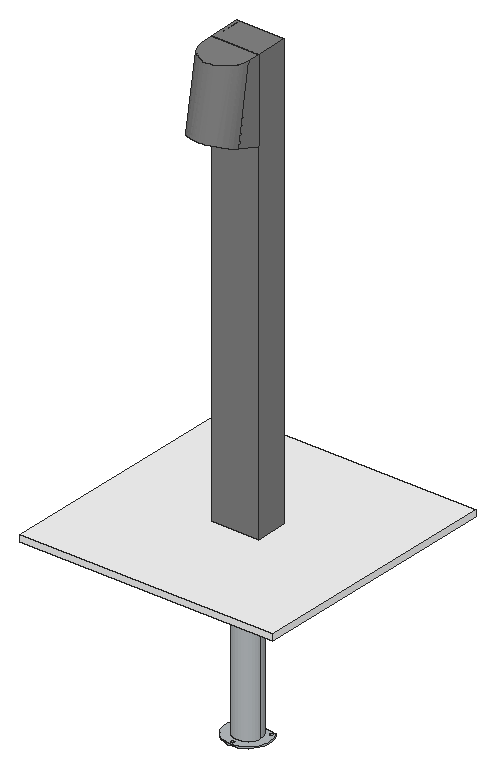
Revit family "BE_77239_de_DE", category Leuchten, Revit 2015
Parameters (values of type "BEGA_77239_Grafit_K3")
  built-in parameter 1150104 = 14.151 (stored number, unit not read)
  Wattage = 1.9 W
  Default Elevation = 0 mm
  built-in parameter 1150113 = 1 (stored number, unit not read)
  built-in parameter 1114218 = 1 (stored number, unit not read)
  Umgebungstemperatur = "25 °C"
  URL = "http://www.bega.de/produkt/77239"
  Typenkommentare = "© 2016 BEGA. Wir behalten uns das Recht vor, technische Änderungen ohne vorherige Ankündigung vorzunehmen."  # constant formula
  Type Image = 77239.png
  built-in parameter 1150134 = (empty or 0)
  built-in parameter 1150109 = 1 (stored number, unit not read)
  Strom = ""
  built-in parameter 1150110 = 1 (stored number, unit not read)
  Spannung = 239.996 V
  Sonderanfertigung = no
  Seriennummer [instance] = "Hier können Sie die eindeutige Seriennummer für das Facility Management eintragen."
  Schutzklasse = "I"
  Schutzart = "IP 64"
  Scheinlast = 0 VA
  Produktdatenblatt = "http://www.bega.de/download/Xrfa/db/77239.db.de.pdf"
  Oberflächentemperatur = ""
  Neigungswinkel = 0.00°
  Modell = "77239"
  Material_18 = BEGA_Gummi_schwarz
  Material_17 = BEGA_Reflektor
  Material_15 = BEGA_Leuchtmedium_matt
  Material_11 = BEGA_Glas_opal
  Material_10 = BEGA_Glas_matt
  Material_09 = BEGA_Glas_klar
  Material_08 = BEGA_Oberfläche_Stahl_verzinkt
  Material_06 = BEGA_Oberfläche_Edelstahl_gebürstet
  Material_03 = BEGA_Oberfläche_Weiss_matt
  Material_02 = BEGA_Oberfläche_Silber_matt
  Material_01 [instance] = BEGA_Oberfläche_Grafit_matt
  M_G = yes
  M_A = no
  Logo = 0
  built-in parameter 1114217 = 1 (stored number, unit not read)
  built-in parameter 1150139 = (empty or 0)
  built-in parameter 1150105 = 23.03 (stored number, unit not read)
  built-in parameter 1150114 = 1 (stored number, unit not read)
  Lumens = 289.408 lm
  built-in parameter 1150115 = 1 (stored number, unit not read)
  Leuchtenlichtstrom = "146 lm"
  Leuchtenanzahl = ""
  Lebensdauerkriterien = "L70 = 50.000 h"
  Lastklassifizierung = Beleuchtung
  built-in parameter 1150112 = 1 (stored number, unit not read)
  Lampenlichtstrom = "290 lm"
  Lampe = "LED 1.9 W"
  LED_Modulbezeichnung = "LED-0684/830 "
  built-in parameter 1150142 = (empty or 0)
  Hersteller = "BEGA"  # constant formula
  Halbstreuwinkel = ""
  Gewicht = "2.7 kg"
  Gebrauchslageneinschränkung [instance] = ""
  Frequenz = "0/50-60 Hz"
  Farbwiedergabeindex = "Ra > 80"
  Farbtemperaturverschiebung bei Dämpfen der Lampe = <Keine Auswahl>
  Farbtemperatur = "3000 K"
  Color Filter = 16777215
  built-in parameter 1150133 = 10 (stored number, unit not read)
  Energieeffizienzklasse = "LED A++ - A"
  built-in parameter 1150137 = (empty or 0)
  built-in parameter 1150132 = (empty or 0)
  ENEC = "ja"
  Datei für fotometrisches Netz = "BE_77239.IES"
  CE_Konformität = "ja"
  Bestellnummer = "77239"
  Beschreibung_Sonderanfertigung = "Hier können Sie Informationen zur Sonderanfertigung eintragen."
  Beschreibung = "Garten- und Wegeleuchte"
  built-in parameter 1150106 = 0.2303 (stored number, unit not read)
  Befestigungsbohrung = ""
  Befestigungsabstand = ""
  Ballwurfsicher = ""
  BEGA_Intern_aus = yes
  BEGA_Intern_an = yes
  BEGA_Intern_Konstruktion = yes
  BEGA_Intern = yes
  BEGA_IES = yes
  BEGA_Dummy = no
  Anschlussleitung = ""
  Anschlussleistung [instance] = "3.3 W"
  Anschlusskasten = ""
  built-in parameter 1150107 = 3000 (stored number, unit not read)
  built-in parameter 1150102 = (empty or 0)
  built-in parameter 1150138 = (empty or 0)
  Aktualisierung = "2016-10-20T04:14:09"
  Abstand_zur_angestrahlten_Fläche [instance] = ""
  AC/DC = "AC/DC"
Types (2, lengths in mm): name | built-in parameter 1150104 | Modell | M_G | M_A | built-in parameter 1150105 | Lumens | Bestellnummer | built-in parameter 1150106
  BEGA_77239_Silber_K3 | 14.18 (stored number, unit not read) | "77239A" | no | yes | 23.077 (stored number, unit not read) | 289.997 lm | "77239A" | 0.23077 (stored number, unit not read)
  BEGA_77239_Grafit_K3 | 14.151 (stored number, unit not read) | "77239" | yes | no | 23.03 (stored number, unit not read) | 289.408 lm | "77239" | 0.2303 (stored number, unit not read)
Reference planes
  plane 1 "Mitte (Vorne/Hinten)": y = 0
  plane 2: z = 0
  plane 3 "Mitte (Links/Rechts)": x = 0
  plane 4 "Links": x = -37.5
  plane 5 "Rechts": x = 37.5
  plane 6 "Unten": y = -100.895
  plane 7 "Oben": y = 25
  plane 8 "Vorne": z = 686.8
  plane 9 "Hinten": z = -300
Forms (mm)
  Extrusion 1, solid, material "BEGA_Platte_Weiss"
    sketch origin (0, -1119.2, 0) x (1, 0, 0) y (0, 1, 0)
      loop
        line (-200, 1319.2) -> (-200, 919.2) -> (200, 919.2) -> (200, 1319.2) -> (-200, 1319.2)
    from 0 to -10
  Extrusion 2, solid, material "BEGA_Dummy_matt", visible <- "BEGA_Dummy"
    sketch origin (80.095, -76.023, 0) x (1, 0, 0) y (0, 1, 0)
      loop
        line (-117.595, 101.023) -> (-117.595, -24.872) -> (-42.595, -24.872) -> (-42.595, 101.023) -> (-117.595, 101.023)
    from 0 to 686.8
Dimensions and locks
  plane 1 "Mitte (Vorne/Hinten)" to Extrusion 1 = 200 mm
  aligned and locked: plane 2 to Extrusion 1
  aligned and locked: level to Extrusion 1
Nested families
  nested 1: "BE_77239" at (0, 0, 0), type "BE_77239"
    with M_G yes
Connectors
  electrical at (0, 0, 0), driven by "Lastklassifizierung", driven by "Spannung", driven by "Scheinlast"
    settings: index 1, voltage 239.996 V, apparent load 0 VA, apparent load phase1 0 VA, apparent load phase2 0 VA, apparent load phase3 0 VA, power factor 1, load classification "Beleuchtung", number of poles 1, system type 31, power factor state 1, is connector primary yes, connector utility no, sub classification motor no, connector description ""
Definition of nested family "BE_77239"
  Parameters (values of type "BE_77239")
    Default Elevation = 1 mm
    URL = "http://www.bega.de/de/produkt"
    Type Comments = "© 2015 BEGA. Wir behalten uns das Recht vor, technische Änderungen ohne vorherige Ankündigung vorzunehmen. "  # constant formula
    Type Image = (empty or 0)
    Material_18 = none
    Material_17 = none
    Material_15 = none
    Material_11 = none
    Material_10 = none
    Material_09 = none
    Material_08 = none
    Material_06 = none
    Material_03 = none
    Material_02 = none
    Material_01 = none
    M_W = yes
    M_G = no
    M_A = no
    Länge_Platte = 200 mm  # constant formula
    Höhe_Platte = -10 mm  # constant formula
    Manufacturer = "BEGA"  # constant formula
    Breite_Platte = 200 mm  # constant formula
  Reference planes
    plane 1 "Mitte (Oben/Unten)": y = 0
    plane 2: z = 0
    plane 3 "Mitte (Links/Rechts)": x = 0
    plane 4: x = -37.5
    plane 5: z = -300
    plane 6: x = 37.5
    plane 7: z = 686.8
    plane 8: y = 25
    plane 9: y = -100.895
  Forms (mm)
    Extrusion 1, solid, detail levels medium
      sketch origin (0, 0, 0) x (1, 0, 0) y (0, 1, 0)
        loop
          line (-100, 100) -> (-100, -100) -> (100, -100) -> (100, 100) -> (-100, 100)
      from 0 to -10 <- "Höhe_Platte"
    Extrusion 2, solid, material <- "Material_08", detail levels medium+fine
      sketch origin (0, 0, 0) x (1, 0, 0) y (0, 1, 0)
        loop
          line (-4.279, 24.123) -> (-26.706, 20.169)
          arc (-26.706, 20.169) -> (-28.686, 19.354) -> (-30.144, 17.786) r 5
          arc (-30.144, 17.786) -> (0, -35) -> (30.144, 17.786) r 35
          arc (30.144, 17.786) -> (28.686, 19.354) -> (26.706, 20.169) r 5
          line (26.706, 20.169) -> (4.279, 24.123)
          arc (4.279, 24.123) -> (0, 24.5) -> (-4.279, 24.123) r 24.5
        loop
          circle (-25.981, 15) r 2.75
        loop
          circle (0, -30) r 2.75
        loop
          circle (25.981, 15) r 2.75
        loop
          circle (0, 0) r 19.1
      from -298 to -300
    Extrusion 3, solid, material <- "Material_08", detail levels medium+fine
      sketch origin (0, 0, 0) x (1, 0, 0) y (0, 1, 0)
        loop
          circle (0, 0) r 19.1
        loop
          circle (0, 0) r 21.1
      from 119.996 to -298.004
    Sweep 4, solid, material <- "Material_01", visible <- "M_G", detail levels medium+fine
      path origin (0, 0, 0) x (1, 0, 0) y (0, 1, 0)
        loop
          line (37.5, 25) -> (-37.5, 25) -> (-37.5, -25) -> (37.5, -25) -> (37.5, 25)
      profile origin (0, 25, 0) x (0, -1, 0) y (0, 0, 1)
        loop
          line (0, 686.8) -> (0, 0) -> (3, 0) -> (3, 685) -> (8.422, 685) -> (8.422, 686.8) -> (0, 686.8)
    Extrusion 5, solid, material <- "Material_01", visible <- "M_G", detail levels medium+fine
      sketch origin (0, 0, 0) x (0, 1, 0) y (0, 0, 1)
        loop
          line (16.578, 686.8) -> (-16.578, 686.8) -> (-16.578, 685) -> (16.578, 685) -> (16.578, 686.8)
      from -29.451 to 29.078
    Blend 6, solid, material <- "Material_01", visible <- "M_G", detail levels medium+fine
      base sketch origin (0, 0, 0) x (1, 0, 0) y (0, 1, 0)
        loop
          line (-37.552, -25) -> (-36.457, -66.822)
          spline (-36.457, -66.822) -> (-35.105, -77.09) -> (-31.403, -86.632) -> (-25.599, -94.81) -> (-18.082, -101.077) -> (-9.354, -105.014) -> (0, -106.356) -> (9.354, -105.014) -> (18.082, -101.077) -> (25.599, -94.81) -> (31.403, -86.632) -> (35.105, -77.09) -> (36.457, -66.822)
          line (36.457, -66.822) -> (37.552, -25) -> (-37.552, -25)
      top sketch origin (0, 0, 0) x (1, 0, 0) y (0, 1, 0)
        loop
          line (-37.552, -25) -> (-37.071, -43.367)
          spline (-37.071, -43.367) -> (-35.587, -53.008) -> (-31.763, -61.945) -> (-25.851, -69.59) -> (-18.24, -75.44) -> (-9.43, -79.112) -> (0, -80.363) -> (9.43, -79.112) -> (18.24, -75.44) -> (25.851, -69.59) -> (31.763, -61.945) -> (35.587, -53.008) -> (37.071, -43.367)
          line (37.071, -43.367) -> (37.552, -25) -> (-37.552, -25)
      from 556.8 to 686.8
    Extrusion 7, void
      sketch origin (0, 0, 0) x (0, 1, 0) y (0, 0, 1)
        loop
          line (-26.108, 556.475) -> (-107.284, 586.021) -> (-107.284, 556.475) -> (-26.108, 556.475)
        loop
          line (-25, 686.8) -> (-81.221, 686.8) -> (-81.221, 685.38) -> (-25, 686.8)
      from -41.057 to 40.865
    Revolve 8, void
      sketch origin (0, 0, 0) x (0, 1, 0) y (0, 0, 1)
        loop
          line (-60.589, 588.104) -> (-67.011, 570.459) -> (-35.754, 559.082) -> (-37.529, 569.146) -> (-32.274, 567.233) -> (-28.878, 576.562) -> (-60.589, 588.104)
        axis (-60.589, 588.104) -> (-67.011, 570.459)
      angle from 0 to 360
    Revolve 9, solid, material <- "Material_10", detail levels medium+fine
      sketch origin (0, 0, 0) x (0, 1, 0) y (0, 0, 1)
        loop
          line (-62.616, 582.533) -> (-63.984, 578.775) -> (-33.444, 567.659) -> (-32.076, 571.418) -> (-62.616, 582.533)
        axis (-62.616, 582.533) -> (-63.984, 578.775)
      angle from 0 to 360
    Revolve 10, void
      sketch origin (-26, 0, 0) x (0, 1, 0) y (0, 0, 1)
        loop
          line (-34.938, 559.689) -> (-34.938, 561.3) -> (-36.8, 561.3) -> (-36.8, 560.367) -> (-34.938, 559.689)
        axis (-36.8, 561.3) -> (-36.8, 559.689)
      angle from 0 to 360
    Revolve 11, void
      sketch origin (26, 0, 0) x (0, 1, 0) y (0, 0, -1)
        loop
          line (-34.938, -559.689) -> (-36.8, -560.367) -> (-36.8, -561.3) -> (-34.938, -561.3) -> (-34.938, -559.689)
        axis (-36.8, -561.3) -> (-36.8, -559.689)
      angle from 0 to 360
    Revolve 12, solid, material <- "Material_06", detail levels fine
      sketch origin (-26, 0, 0) x (0, 1, 0) y (0, 0, 1)
        loop
          line (-36.8, 559.9) -> (-36.8, 561.3) -> (-38.411, 561.3) -> (-38.411, 560.481) -> (-37.887, 559.9) -> (-36.8, 559.9)
        axis (-36.8, 561.3) -> (-36.8, 559.9)
      angle from 0 to 360
    Revolve 13, solid, material <- "Material_06", detail levels fine
      sketch origin (26, 0, 0) x (0, 1, 0) y (0, 0, -1)
        loop
          line (-36.8, -559.9) -> (-37.887, -559.9) -> (-38.411, -560.481) -> (-38.411, -561.3) -> (-36.8, -561.3) -> (-36.8, -559.9)
        axis (-36.8, -561.3) -> (-36.8, -559.9)
      angle from 0 to 360
    Revolve 14, void
      sketch origin (0, 0, 0) x (0, 1, 0) y (0, 0, 1)
        loop
          line (25.206, 39) -> (22.243, 39) -> (22.243, 35) -> (25.206, 35) -> (25.206, 39)
        axis (25.206, 35) -> (22.243, 35)
      angle from 0 to 360
    Revolve 15, void
      sketch origin (0, 0, 50) x (0, 1, 0) y (0, 0, 1)
        loop
          line (25.206, 39) -> (22.243, 39) -> (22.243, 35) -> (25.206, 35) -> (25.206, 39)
        axis (25.206, 35) -> (22.243, 35)
      angle from 0 to 360
    Revolve 16, solid, material <- "Material_06", detail levels fine
      sketch origin (0, 0, 0) x (0, 1, 0) y (0, 0, 1)
        loop
          line (25, 88) -> (25, 88.942) -> (22.865, 88.942) -> (22.865, 85) -> (26, 85) -> (26, 88) -> (25, 88)
        axis (26, 85) -> (22.865, 85)
      angle from 0 to 360
    Revolve 17, solid, material <- "Material_06", detail levels fine
      sketch origin (0, 0, -50) x (0, 1, 0) y (0, 0, 1)
        loop
          line (25, 88) -> (25, 88.942) -> (22.865, 88.942) -> (22.865, 85) -> (26, 85) -> (26, 88) -> (25, 88)
        axis (26, 85) -> (22.865, 85)
      angle from 0 to 360
    Sweep 18, solid, material <- "Material_02", visible <- "M_A", detail levels medium+fine
      path origin (0, 0, 0) x (1, 0, 0) y (0, 1, 0)
        loop
          line (37.5, 25) -> (-37.5, 25) -> (-37.5, -25) -> (37.5, -25) -> (37.5, 25)
      profile origin (0, 25, 0) x (0, -1, 0) y (0, 0, 1)
        loop
          line (0, 686.8) -> (0, 0) -> (3, 0) -> (3, 685) -> (8.422, 685) -> (8.422, 686.8) -> (0, 686.8)
    Extrusion 19, solid, material <- "Material_02", visible <- "M_A", detail levels medium+fine
      sketch origin (0, 0, 0) x (0, 1, 0) y (0, 0, 1)
        loop
          line (16.578, 686.8) -> (-16.578, 686.8) -> (-16.578, 685) -> (16.578, 685) -> (16.578, 686.8)
      from -29.451 to 29.078
    Blend 20, solid, material <- "Material_02", visible <- "M_A", detail levels medium+fine
      base sketch origin (0, 0, 0) x (1, 0, 0) y (0, 1, 0)
        loop
          line (-37.552, -25) -> (-36.457, -66.822)
          spline (-36.457, -66.822) -> (-35.105, -77.09) -> (-31.403, -86.632) -> (-25.599, -94.81) -> (-18.082, -101.077) -> (-9.354, -105.014) -> (0, -106.356) -> (9.354, -105.014) -> (18.082, -101.077) -> (25.599, -94.81) -> (31.403, -86.632) -> (35.105, -77.09) -> (36.457, -66.822)
          line (36.457, -66.822) -> (37.552, -25) -> (-37.552, -25)
      top sketch origin (0, 0, 0) x (1, 0, 0) y (0, 1, 0)
        loop
          line (-37.552, -25) -> (-37.071, -43.367)
          spline (-37.071, -43.367) -> (-35.587, -53.008) -> (-31.763, -61.945) -> (-25.851, -69.59) -> (-18.24, -75.44) -> (-9.43, -79.112) -> (0, -80.363) -> (9.43, -79.112) -> (18.24, -75.44) -> (25.851, -69.59) -> (31.763, -61.945) -> (35.587, -53.008) -> (37.071, -43.367)
          line (37.071, -43.367) -> (37.552, -25) -> (-37.552, -25)
      from 556.8 to 686.8
  Cuts and joins
    joined: Extrusion 2, Extrusion 3
    Revolve 14, Revolve 15 cuts Sweep 4
    Revolve 14, Revolve 15 cuts Extrusion 5
    joined: Sweep 4, Extrusion 5
    Extrusion 7, Revolve 8, Revolve 10, Revolve 11 cuts Blend 6
    Revolve 14, Revolve 15 cuts Sweep 18
    joined: Sweep 18, Extrusion 19
    Extrusion 7, Revolve 8, Revolve 10, Revolve 11 cuts Blend 20
  Dimensions and locks
    equal spacing: Extrusion 1 sketch curve, plane 3 "Mitte (Links/Rechts)", Extrusion 1 sketch curve
    equal spacing: Extrusion 1 sketch curve, plane 1 "Mitte (Oben/Unten)", Extrusion 1 sketch curve
    "Länge_Platte": Extrusion 1 sketch curve to Extrusion 1 sketch curve
    "Breite_Platte": Extrusion 1 sketch curve to Extrusion 1 sketch curve
    aligned and locked: Extrusion 1 to plane 2
    aligned and locked: level to Extrusion 1
  Automatic sketch dimensions
    Extrusion 2 sketch curve to Extrusion 2 sketch curve = 0 mm  (x13)
    plane 1 "Mitte (Oben/Unten)" to Extrusion 2 sketch curve = 0 mm
    Extrusion 2 sketch curve to plane 3 "Mitte (Links/Rechts)" = 0 mm  (x2)
    Extrusion 2 sketch curve to plane 3 "Mitte (Links/Rechts)" = 4.279 mm
    Extrusion 2 sketch curve to Extrusion 2 sketch curve = 21.559 mm  (x2)
    Extrusion 2 sketch curve to Extrusion 2 sketch curve = 0.143 mm  (x2)
    plane 3 "Mitte (Links/Rechts)" to Extrusion 2 sketch curve = 4.279 mm
    plane 1 "Mitte (Oben/Unten)" to Extrusion 2 sketch curve = 30 mm
    Extrusion 2 sketch curve to plane 1 "Mitte (Oben/Unten)" = 15 mm  (x2)
    Extrusion 2 sketch curve to Extrusion 2 sketch curve = 0.245 mm  (x2)
    Extrusion 2 sketch curve to Extrusion 2 sketch curve = 8.878 mm
    Extrusion 2 sketch curve to Extrusion 2 sketch curve = 0.868 mm  (x2)
    Extrusion 2 sketch curve to Extrusion 2 sketch curve = 3.438 mm  (x2)
    Extrusion 2 sketch curve to Extrusion 2 sketch curve = 2.541 mm  (x2)
    Sweep 4 sketch curve to plane 3 "Mitte (Links/Rechts)" = 37.5 mm
    plane 3 "Mitte (Links/Rechts)" to Sweep 4 sketch curve = 37.5 mm
    plane 1 "Mitte (Oben/Unten)" to Sweep 4 sketch curve = 25 mm
    Sweep 4 sketch curve to plane 1 "Mitte (Oben/Unten)" = 25 mm
    Sweep 4 sketch curve to level = 0 mm
    Sweep 4 sketch curve to profile plane = 0 mm
    Sweep 4 sketch curve to profile plane = 3 mm
    Sweep 4 sketch curve to Sweep 4 sketch curve = 5.422 mm
    level to Sweep 4 sketch curve = 685 mm
    Sweep 4 sketch curve to Sweep 4 sketch curve = 1.8 mm
    plane 1 "Mitte (Oben/Unten)" to Extrusion 5 sketch curve = 16.578 mm
    Extrusion 5 sketch curve to plane 1 "Mitte (Oben/Unten)" = 16.578 mm
    level to Extrusion 5 sketch curve = 685 mm
    Extrusion 5 sketch curve to Extrusion 5 sketch curve = 1.8 mm
    Blend 6 sketch curve to plane 3 "Mitte (Links/Rechts)" = 0 mm  (x2)
    Blend 6 sketch curve to plane 3 "Mitte (Links/Rechts)" = 36.457 mm
    Blend 6 sketch curve to plane 3 "Mitte (Links/Rechts)" = 37.552 mm
    plane 3 "Mitte (Links/Rechts)" to Blend 6 sketch curve = 36.457 mm
    plane 3 "Mitte (Links/Rechts)" to Blend 6 sketch curve = 37.552 mm
    plane 1 "Mitte (Oben/Unten)" to Blend 6 sketch curve = 66.822 mm
    plane 1 "Mitte (Oben/Unten)" to Blend 6 sketch curve = 25 mm
    Blend 6 sketch curve to Blend 6 sketch curve = 0.004 mm
    Blend 6 sketch curve to Blend 6 sketch curve = 0.566 mm
    Blend 6 sketch curve to plane 3 "Mitte (Links/Rechts)" = 37.071 mm
    Blend 6 sketch curve to Blend 6 sketch curve = 0.481 mm  (x2)
    plane 3 "Mitte (Links/Rechts)" to Blend 6 sketch curve = 37.071 mm
    plane 1 "Mitte (Oben/Unten)" to Blend 6 sketch curve = 43.367 mm
    Blend 6 sketch curve to Blend 6 sketch curve = 18.367 mm
    Blend 6 sketch curve to Blend 6 sketch curve = 36.996 mm
    Blend 6 sketch curve to Blend 6 sketch curve = 1.075 mm
    plane 1 "Mitte (Oben/Unten)" to Extrusion 7 sketch curve = 107.284 mm
    plane 1 "Mitte (Oben/Unten)" to Extrusion 7 sketch curve = 81.221 mm
    plane 1 "Mitte (Oben/Unten)" to Extrusion 7 sketch curve = 26.108 mm
    plane 1 "Mitte (Oben/Unten)" to Extrusion 7 sketch curve = 25 mm
    level to Extrusion 7 sketch curve = 556.475 mm
    Extrusion 7 sketch curve to Extrusion 7 sketch curve = 29.546 mm
    Extrusion 7 sketch curve to Extrusion 7 sketch curve = 99.359 mm
    Extrusion 7 sketch curve to Extrusion 7 sketch curve = 1.42 mm
    plane 1 "Mitte (Oben/Unten)" to Revolve 8 sketch curve = 67.011 mm
    Revolve 8 sketch curve to Revolve 8 sketch curve = 6.422 mm
    Revolve 8 sketch curve to Revolve 8 sketch curve = 29.482 mm
    Revolve 8 sketch curve to Revolve 8 sketch curve = 1.774 mm
    Revolve 8 sketch curve to Revolve 8 sketch curve = 5.255 mm
    Revolve 8 sketch curve to Revolve 8 sketch curve = 3.395 mm
    level to Revolve 8 sketch curve = 559.082 mm
    Revolve 8 sketch curve to Revolve 8 sketch curve = 8.151 mm
    Revolve 8 sketch curve to Revolve 8 sketch curve = 1.913 mm
    Revolve 8 sketch curve to Revolve 8 sketch curve = 1.313 mm
    Revolve 8 sketch curve to Revolve 8 sketch curve = 0 mm  (x4)
    plane 1 "Mitte (Oben/Unten)" to Revolve 9 sketch curve = 63.984 mm
    Revolve 9 sketch curve to Revolve 9 sketch curve = 1.368 mm  (x2)
    Revolve 9 sketch curve to Revolve 9 sketch curve = 30.54 mm
    level to Revolve 9 sketch curve = 567.659 mm
    Revolve 9 sketch curve to Revolve 9 sketch curve = 3.759 mm
    Revolve 9 sketch curve to Revolve 9 sketch curve = 11.116 mm
    Revolve 9 sketch curve to Revolve 9 sketch curve = 0 mm  (x4)
    plane 1 "Mitte (Oben/Unten)" to Revolve 10 sketch curve = 36.8 mm
    Revolve 10 sketch curve to Revolve 10 sketch curve = 1.862 mm
    level to Revolve 10 sketch curve = 559.689 mm
    Revolve 10 sketch curve to Revolve 10 sketch curve = 0.678 mm
    Revolve 10 sketch curve to Revolve 10 sketch curve = 0.933 mm
    Revolve 10 sketch curve to Revolve 10 sketch curve = 0 mm  (x3)
    plane 1 "Mitte (Oben/Unten)" to Revolve 11 sketch curve = 36.8 mm
    Revolve 11 sketch curve to Revolve 11 sketch curve = 1.862 mm
    level to Revolve 11 sketch curve = 561.3 mm
    Revolve 11 sketch curve to Revolve 11 sketch curve = 0.933 mm
    Revolve 11 sketch curve to Revolve 11 sketch curve = 1.611 mm
    Revolve 11 sketch curve to Revolve 11 sketch curve = 0 mm  (x3)
    plane 1 "Mitte (Oben/Unten)" to Revolve 12 sketch curve = 38.411 mm
    Revolve 12 sketch curve to Revolve 12 sketch curve = 0.523 mm
    Revolve 12 sketch curve to Revolve 12 sketch curve = 1.087 mm
    level to Revolve 12 sketch curve = 559.9 mm
    Revolve 12 sketch curve to Revolve 12 sketch curve = 0.581 mm
    Revolve 12 sketch curve to Revolve 12 sketch curve = 1.4 mm
    Revolve 12 sketch curve to Revolve 12 sketch curve = 0 mm  (x3)
    plane 1 "Mitte (Oben/Unten)" to Revolve 13 sketch curve = 38.411 mm
    Revolve 13 sketch curve to Revolve 13 sketch curve = 0.523 mm
    Revolve 13 sketch curve to Revolve 13 sketch curve = 1.087 mm
    level to Revolve 13 sketch curve = 561.3 mm
    Revolve 13 sketch curve to Revolve 13 sketch curve = 0.819 mm
    Revolve 13 sketch curve to Revolve 13 sketch curve = 0.581 mm
    Revolve 13 sketch curve to Revolve 13 sketch curve = 0 mm  (x3)
    Revolve 14 sketch curve to plane 1 "Mitte (Oben/Unten)" = 22.243 mm
    Revolve 14 sketch curve to Revolve 14 sketch curve = 2.963 mm
    level to Revolve 14 sketch curve = 35 mm
    Revolve 14 sketch curve to Revolve 14 sketch curve = 4 mm
    Revolve 14 sketch curve to Revolve 14 sketch curve = 0 mm  (x2)
    Revolve 14 sketch curve to Revolve 14 sketch curve = 0.206 mm
    Revolve 15 sketch curve to plane 1 "Mitte (Oben/Unten)" = 22.243 mm
    Revolve 15 sketch curve to Revolve 15 sketch curve = 2.963 mm
    level to Revolve 15 sketch curve = 85 mm
    Revolve 15 sketch curve to Revolve 15 sketch curve = 4 mm
    Revolve 15 sketch curve to Revolve 15 sketch curve = 0 mm  (x2)
    Revolve 15 sketch curve to Revolve 15 sketch curve = 0.206 mm
    Revolve 16 sketch curve to plane 1 "Mitte (Oben/Unten)" = 22.865 mm
    Revolve 16 sketch curve to Revolve 16 sketch curve = 2.135 mm
    Revolve 16 sketch curve to Revolve 16 sketch curve = 1 mm
    level to Revolve 16 sketch curve = 85 mm
    Revolve 16 sketch curve to Revolve 16 sketch curve = 3 mm
    Revolve 16 sketch curve to Revolve 16 sketch curve = 0.942 mm
    Revolve 16 sketch curve to Revolve 16 sketch curve = 0 mm  (x3)
    Revolve 17 sketch curve to plane 1 "Mitte (Oben/Unten)" = 22.865 mm
    Revolve 17 sketch curve to Revolve 17 sketch curve = 2.135 mm
    Revolve 17 sketch curve to Revolve 17 sketch curve = 1 mm
    level to Revolve 17 sketch curve = 35 mm
    Revolve 17 sketch curve to Revolve 17 sketch curve = 3 mm
    Revolve 17 sketch curve to Revolve 17 sketch curve = 0.942 mm
    Revolve 17 sketch curve to Revolve 17 sketch curve = 0 mm  (x3)
    Sweep 18 sketch curve to plane 3 "Mitte (Links/Rechts)" = 37.5 mm
    plane 3 "Mitte (Links/Rechts)" to Sweep 18 sketch curve = 37.5 mm
    plane 1 "Mitte (Oben/Unten)" to Sweep 18 sketch curve = 25 mm
    Sweep 18 sketch curve to plane 1 "Mitte (Oben/Unten)" = 25 mm
    Sweep 18 sketch curve to level = 0 mm
    Sweep 18 sketch curve to profile plane = 0 mm
    Sweep 18 sketch curve to profile plane = 3 mm
    Sweep 18 sketch curve to Sweep 18 sketch curve = 5.422 mm
    level to Sweep 18 sketch curve = 685 mm
    Sweep 18 sketch curve to Sweep 18 sketch curve = 1.8 mm
    plane 1 "Mitte (Oben/Unten)" to Extrusion 19 sketch curve = 16.578 mm
    Extrusion 19 sketch curve to plane 1 "Mitte (Oben/Unten)" = 16.578 mm
    level to Extrusion 19 sketch curve = 685 mm
    Extrusion 19 sketch curve to Extrusion 19 sketch curve = 1.8 mm
    Blend 20 sketch curve to plane 3 "Mitte (Links/Rechts)" = 0 mm  (x2)
    Blend 20 sketch curve to plane 3 "Mitte (Links/Rechts)" = 36.457 mm
    Blend 20 sketch curve to plane 3 "Mitte (Links/Rechts)" = 37.552 mm
    plane 3 "Mitte (Links/Rechts)" to Blend 20 sketch curve = 36.457 mm
    plane 3 "Mitte (Links/Rechts)" to Blend 20 sketch curve = 37.552 mm
    plane 1 "Mitte (Oben/Unten)" to Blend 20 sketch curve = 66.822 mm
    plane 1 "Mitte (Oben/Unten)" to Blend 20 sketch curve = 25 mm
    Blend 20 sketch curve to Blend 20 sketch curve = 0.004 mm
    Blend 20 sketch curve to Blend 20 sketch curve = 0.566 mm
    Blend 20 sketch curve to plane 3 "Mitte (Links/Rechts)" = 37.071 mm
    Blend 20 sketch curve to Blend 20 sketch curve = 0.481 mm  (x2)
    plane 3 "Mitte (Links/Rechts)" to Blend 20 sketch curve = 37.071 mm
    plane 1 "Mitte (Oben/Unten)" to Blend 20 sketch curve = 43.367 mm
    Blend 20 sketch curve to Blend 20 sketch curve = 18.367 mm
    Blend 20 sketch curve to Blend 20 sketch curve = 36.996 mm
    Blend 20 sketch curve to Blend 20 sketch curve = 1.075 mm
    radius of Extrusion 2 sketch curve = 2.75 mm  (x3)
    radius of Extrusion 2 sketch curve = 19.1 mm
